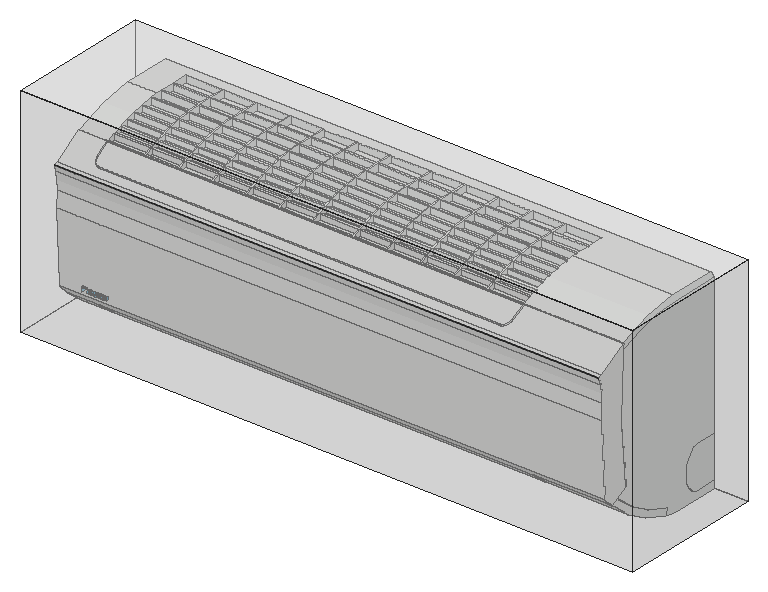
Revit family "outputfile", category 機械設備, Revit 2024
Family settings
  丸型コネクタ寸法 = 半径を使用
  パーツ タイプ = 標準
  OmniClass 番号 = 23.75.10.24.21.27.27
  OmniClass タイトル = Split System Air Conditioning Units
  作業面ベース = いいえ
  常に垂直 = はい
  ロード時にボイドで切り取り = いいえ
  注釈の向きを維持 = いいえ
  共有 = いいえ
  部屋計算ポイント = いいえ
Parameters (values of type "FTV28PBV1MW9")
  Description = ""
  製造元 = "Daikin"
  書き出し IFC クラス(タイプ) = "IfcUnitaryEquipmentType"
  定義済み IFC タイプ(タイプ) = "AIRCONDITIONINGUNIT"
  Cost = 0
  モデル = "FTV28PBV1MW9"
  Type Comments = ""
  Keynote = ""
  Type Image = (empty or 0)
  Assembly Code = ""
  switch_frequency = yes
  r_Liquid Pipe Size = Liquid Pipe Size / 2  # 3.2 mm
  r_Gas Pipe Size = Gas Pipe Size / 2  # 4.75 mm
  r_Drain Pipe Size = Drain Pipe Size / 2  # 9.55 mm
  lw_powersupply [instance] = if(or(Rear Right Connection_refrigerant, Bottom Right Connection_refrigerant), 65.0 mm + 5.3 mm, if(or(Rear Left Connection_refrigerant, Bottom Left Connection_refrigerant), 742.0 mm + 30.0 mm, 400.0 mm))  # 400.0 mm
  lw_liquidpipe [instance] = if(or(Rear Right Connection_refrigerant, Bottom Right Connection_refrigerant), 9.0 mm, if(or(Rear Left Connection_refrigerant, Bottom Left Connection_refrigerant), 668.0 mm + 40.0 mm, 800.0 mm - 592.0 mm - 48.0 mm))  # 160.0 mm
  lw_gaspipe [instance] = if(or(Rear Right Connection_refrigerant, Bottom Right Connection_refrigerant), 0.0 mm, if(or(Rear Left Connection_refrigerant, Bottom Left Connection_refrigerant), 661.0 mm + 30.0 mm, 800.0 mm - 592.0 mm - 49.0 mm - 48.0 mm))  # 111.0 mm
  lw_drainpipe [instance] = if(or(Rear Right Connection_refrigerant, Bottom Right Connection_refrigerant), 0.0 mm, if(or(Rear Left Connection_refrigerant, Bottom Left Connection_refrigerant), 675.0 mm + 30.0 mm, 0.0 mm))  # 0.0 mm
  l_powersupply_length [instance] = if(Right Connection_refrigerant, 400.0 mm, if(Left Connection_refrigerant, 800.0 mm - 400.0 mm, if(or(Rear Left Connection_refrigerant, Rear Right Connection_refrigerant), 15.0 mm, 40.0 mm)))  # 400.0 mm
  l_liquidpipe_length [instance] = if(Right Connection_refrigerant, 800.0 mm - 592.0 mm, if(Left Connection_refrigerant, 800.0 mm - (800.0 mm - 592.0 mm), if(or(Rear Left Connection_refrigerant, Rear Right Connection_refrigerant), 30.0 mm, 40.0 mm)))  # 208.0 mm
  l_gaspipe_length [instance] = if(Right Connection_refrigerant, 800.0 mm - 592.0 mm - 49.0 mm, if(Left Connection_refrigerant, 800.0 mm - (800.0 mm - 592.0 mm - 49.0 mm), if(or(Rear Left Connection_refrigerant, Rear Right Connection_refrigerant), 40.0 mm, 40.0 mm)))  # 159.0 mm
  l_drainpipe_length [instance] = if(Right Connection_refrigerant, 48.0 mm, if(Left Connection_refrigerant, 800.0 mm - 48.0 mm, if(or(Rear Left Connection_refrigerant, Rear Right Connection_refrigerant), 15.0 mm, 20.0 mm)))  # 48.0 mm
  h*** = 0.0 mm  # constant formula
  connector_voltage = Voltage_50Hz  # 230 V
  connector_powerinput = [Power Input (Cooling)]  # 0.865 kW
  connector_phase = Phase_50Hz  # 1
  angle_vertical [instance] = if(or(Bottom Left Connection_refrigerant, Bottom Right Connection_refrigerant), 0.00°, 90.00°)  # 90.00°
  angle_horizontal [instance] = if(Right Connection_refrigerant, 90.00°, if(Left Connection_refrigerant, -90.00°, if(or(Rear Left Connection_refrigerant, Rear Right Connection_refrigerant), 180.00°, 0.00°)))  # 90.00°
  Width = 800.0 mm
  Voltage_comment_50Hz = "220 - 240"
  Voltage_50Hz = 230 V
  Version = "ver.1.0"
  Unit Type = "Wall Mounted"
  Unit Mass Weight = 9.00 kg
  Unit Designation [instance] = ""
  Uniclass2015Version = "Products v1.30"
  Uniclass2015Title = "Split coil room air conditioning units"
  Uniclass2015Code = "Pr_70_65_03_86"
  URL = ""
  Total Cooling Capacity [instance] = 0.000 kW
  Sound Pressure Level_M speed (dBA) = 33
  Sound Pressure Level_L speed (dBA) = 27
  Sound Pressure Level_H speed (dBA) = 37
  Sound Power Level_H speed (dB) = 0
  Series = "Single Split_Fan Coil Unit"
  Sensible Cooling Capacity [instance] = 0.000 kW
  Refrigerant Type = "R32"
  Power Input (Cooling) = 0.865 kW
  Phase_50Hz = 1
  Option Accessory 3 [instance] = ""
  Option Accessory 2 [instance] = ""
  Option Accessory 1 [instance] = ""
  Nominal Cooling Capacity = 2.780 kW
  Minimum Circuit Amps_50Hz = 5.84 A
  Minimum Airflow = 382.00 m³/h
  Median Airflow = 479.00 m³/h
  Maximum Fuse Amps_50Hz = 16.0 A
  Maximum Airflow = 581.00 m³/h
  Material_Casing = DAIKIN_White_Casing_indoorunit
  Load Classification = HVAC
  Liquid Pipe Size = 6.4 mm
  Link_Nested Family [instance] = ""
  IfcVersion = ""
  IfcExportType = "AIRCONDITIONINGUNIT"
  IfcExportAs = "IfcUnitaryEquipmentType"
  Height = 288.0 mm
  Heat Exchanger Type = "Cross Fin Coil"
  Gas Pipe Size = 9.5 mm
  Frequency_50Hz = 50 Hz
  Fan Type = "Cross Flow Fan"
  Fan Drive = "-"
  FCU Tag No. [instance] = ""
  Drain Pipe Size = 19.1 mm
  Design Supply Airflow [instance] = 0.00 m³/h
  Depth = 212.0 mm
  既定の高さ = 0.0 mm
  Cooling Entering Wet Bulb Temperature [instance] = 0.00 °C
  Cooling Entering Dry Bulb Temperature [instance] = 0.00 °C
  Cooling Ambient Wet Bulb Temperature [instance] = 0.00 °C
  Cooling Ambient Dry Bulb Temperature [instance] = 0.00 °C
  Clearance visibility [instance] = yes
  Clearance Top = 30.0 mm
  Clearance Right = 50.0 mm
  Clearance Rear = 0.0 mm
  Clearance Left = 50.0 mm
  Clearance Front = 0.0 mm
  Clearance Bottom = 0.0 mm
  Bottom Right Connection_refrigerant [instance] = no
  Bottom Left Connection_refrigerant [instance] = no
  Rear Right Connection_refrigerant [instance] = no
  Rear Left Connection_refrigerant [instance] = no
  Right Connection_refrigerant [instance] = yes
  Left Connection_refrigerant [instance] = no
Reference planes
  plane 1 "Back": y = 0
  plane 2: z = 0
  plane 3 "Center (Left/Right)": x = 0
  plane 4 "Center (Front/Back)": y = -106
  plane 5 "Front": y = -212
  plane 6 "Left": x = -400
  plane 7 "Right": x = 400
  plane 8 "Top": z = 0
  plane 9 "Bottom": z = -288
  plane 10: x = -450
  plane 11: x = 450
  plane 12: y = 0
  plane 13: y = -212
  plane 14: z = 30
  plane 15: z = -288
  plane 16 "lw_Piping and Wiring intake": x = 352
  plane 17 "lw_gaspipe": x = 241
  plane 18 "lw_liquidpipe": x = 192
  plane 19 "lw_drainpipe": x = 352
  plane 20 "lh_drainpipe": z = -268
  plane 21 "lh_liquidpipe": z = -248
  plane 22 "lh_gaspipe": z = -248
  plane 23 "ld_drainpipe": y = -15
  plane 24 "ld_liquidpipe": y = -30
  plane 25 "ld_gaspipe": y = -40
  plane 26 "lw_powersupply": x = 0
Dimensions and locks
  equal spacing: plane 6 "Left", plane 3 "Center (Left/Right)", plane 7 "Right"
  "Width": plane 6 "Left" to plane 7 "Right"
  equal spacing: plane 5 "Front", plane 4 "Center (Front/Back)", plane 1 "Back"
  "Depth": plane 5 "Front" to plane 1 "Back"
  "Height": plane 8 "Top" to plane 9 "Bottom"
  "Clearance Rear": plane 12 to plane 1 "Back"
  "Clearance Front": plane 13 to plane 5 "Front"
  "Clearance Top": plane 14 to plane 8 "Top"
  "Clearance Bottom": plane 9 "Bottom" to plane 15
  locked: plane 16 "lw_Piping and Wiring intake" to plane 7 "Right" at 48
  "lw_gaspipe": plane 17 "lw_gaspipe" to plane 16 "lw_Piping and Wiring intake"
  "lw_liquidpipe": plane 18 "lw_liquidpipe" to plane 16 "lw_Piping and Wiring intake"
  "lw_drainpipe": plane 19 "lw_drainpipe" to plane 16 "lw_Piping and Wiring intake"
  locked: plane 20 "lh_drainpipe" to plane 9 "Bottom" at 20
  locked: plane 21 "lh_liquidpipe" to plane 9 "Bottom" at 40
  locked: plane 22 "lh_gaspipe" to plane 9 "Bottom" at 40
  locked: plane 23 "ld_drainpipe" to plane 1 "Back" at 15
  locked: plane 1 "Back" to plane 24 "ld_liquidpipe" at 30
  locked: plane 1 "Back" to plane 25 "ld_gaspipe" at 40
  "lw_powersupply": plane 26 "lw_powersupply" to plane 7 "Right"
  "Clearance Left": plane 10 to plane 6 "Left"
  "Clearance Right": plane 7 "Right" to plane 11
  plane 6 "Left" to plane 18 "lw_liquidpipe" = 592.0 mm
  plane 18 "lw_liquidpipe" to plane 17 "lw_gaspipe" = 49.0 mm
  aligned and locked: level to plane 2
  aligned and locked: plane 12 to nested 1
  aligned and locked: nested 1 to plane 13
  aligned and locked: plane 10 to nested 1
  aligned and locked: plane 11 to nested 1
  aligned and locked: plane 17 "lw_gaspipe" to nested 2
  aligned and locked: nested 2 to plane 25 "ld_gaspipe"
  aligned and locked: plane 18 "lw_liquidpipe" to nested 3
  aligned and locked: nested 3 to plane 24 "ld_liquidpipe"
  aligned and locked: plane 19 "lw_drainpipe" to nested 4
  aligned and locked: nested 4 to plane 23 "ld_drainpipe"
  aligned and locked: nested 5 to plane 23 "ld_drainpipe"
  aligned and locked: plane 26 "lw_powersupply" to nested 5
  aligned and locked: level to plane 8 "Top"
  aligned and locked: plane 14 to nested 1
  aligned and locked: plane 15 to nested 1
  aligned and locked: plane 3 "Center (Left/Right)" to nested 6
  aligned and locked: plane 1 "Back" to nested 6
  aligned and locked: plane 8 "Top" to nested 6
Nested families
  nested 1: "daikin_clearancespace" at (0, -106, -128.881), show <- "Clearance visibility", visible <- "Clearance visibility", Link_Nested Family <- "Link_Nested Family", type "daikin_clearancespace"
    with width 900.0 mm, show yes, height 318.0 mm, depth 212.0 mm, Link_Nested Family ""
  nested 2: "daikin_connector_rotate3" at (241, -40, -248), angle_vertical <- "angle_vertical", angle_horizontal <- "angle_horizontal", length <- "l_gaspipe_length", radius <- "r_Gas Pipe Size", type "daikin_connector_rotate3"
    with show no, radius 4.75 mm, length 159.0 mm, angle_vertical 90.00°, angle_horizontal 90.00°
  nested 3: "daikin_connector_rotate3" at (192, -30, -248), angle_vertical <- "angle_vertical", angle_horizontal <- "angle_horizontal", radius <- "r_Liquid Pipe Size", length <- "l_liquidpipe_length", type "daikin_connector_rotate3"
    with show no, radius 3.2 mm, length 208.0 mm, angle_vertical 90.00°, angle_horizontal 90.00°
  nested 4: "daikin_connector_rotate3" at (352, -15, -268), angle_vertical <- "angle_vertical", angle_horizontal <- "angle_horizontal", length <- "l_drainpipe_length", radius <- "r_Drain Pipe Size", type "daikin_connector_rotate3"
    with show no, radius 9.55 mm, length 48.0 mm, angle_vertical 90.00°, angle_horizontal 90.00°
  nested 5: "daikin_connector_rotate3" at (0, -15, -248), angle_vertical <- "angle_vertical", angle_horizontal <- "angle_horizontal", length <- "l_powersupply_length", type "daikin_connector_rotate3"
    with show no, radius 10.0 mm, length 400.0 mm, angle_vertical 90.00°, angle_horizontal 90.00°
  nested 6: "DAIKIN_indoorunit_FTV-PBV1MW9" at (-31, 0, 0), type "FTV-PBV1MW9"
Connectors
  piping at (400, -40, -248), diameter 9.5, driven by "r_Gas Pipe Size"
    settings: on nested 2, index 1, connector inside diameter 609.6 mm, connector length 0.0 mm, flow factor 0, pipe flow 0.00 m³/h, pressure drop 0.0 Pa, fitting loss kfactor 0, connector angle 0.00°, fixture units 0, engagement length 0.0 mm, angle of deflection 0.00°, flow configuration 1, flow direction 2, fitting loss method 0, system type 29, joint type 0, gender type 0, connector reference index -1, connector utility 0, adjustable connector no, is connector primary yes, connector description "Refrigerant Gas Piping"
  piping at (400, -30, -248), diameter 6.4, driven by "r_Liquid Pipe Size"
    settings: on nested 3, index 2, connector inside diameter 609.6 mm, connector length 0.0 mm, flow factor 0, pipe flow 0.00 m³/h, pressure drop 0.0 Pa, fitting loss kfactor 0, connector angle 0.00°, fixture units 0, engagement length 0.0 mm, angle of deflection 0.00°, flow configuration 1, flow direction 1, fitting loss method 0, system type 29, joint type 0, gender type 0, connector reference index -1, connector utility 0, adjustable connector no, is connector primary no, connector description "Refrigerant Liquid Piping"
  piping at (400, -15, -268), diameter 19.1, driven by "r_Drain Pipe Size"
    settings: on nested 4, index 3, connector inside diameter 609.6 mm, connector length 0.0 mm, flow factor 0, pipe flow 0.00 m³/h, pressure drop 0.0 Pa, fitting loss kfactor 0, connector angle 0.00°, fixture units 0, engagement length 0.0 mm, angle of deflection 0.00°, flow configuration 1, flow direction 2, fitting loss method 4, system type 16, joint type 0, gender type 0, connector reference index -1, connector utility 0, adjustable connector no, is connector primary no, connector description "Condensate Drain Piping"
  electrical at (400, -15, -248), driven by "Load Classification", driven by "connector_voltage", driven by "connector_powerinput", driven by "connector_phase"
    settings: on nested 5, index 4, voltage 230 V, apparent load 865 VA, apparent load phase1 0 VA, apparent load phase2 0 VA, apparent load phase3 0 VA, power factor 1, load classification "HVAC", number of poles 1, system type 30, power factor state 1, is connector primary yes, connector utility no, sub classification motor no, connector description "Power Supply"
Definition of nested family "daikin_clearancespace"
  Parameters (values of type "daikin_clearancespace")
    Description = "daikin_clearancespace"
    width [instance] = 1823.963 mm
    show [instance] = yes
    material = none
    height [instance] = 1359.762 mm
    depth [instance] = 880.0 mm
    Default Elevation = 0.0 mm
    Link_Nested Family [instance] = ""
  Reference planes
    plane 1 "Center (Front/Back)": y = 0
    plane 2 "Center (Elevation)": z = -0.119
    plane 3 "Center (Left/Right)": x = 0
    plane 4: y = 440
    plane 5: y = -440
    plane 6 "Right": x = 911.982
    plane 7 "Left": x = -911.982
    plane 8 "Top": z = 679.762
    plane 9 "Bottom": z = -680
  Forms (mm)
    Extrusion 1, solid, material <- "material", visible <- "show"
      sketch origin (0, 0, 0) x (1, 0, 0) y (0, 1, 0)
        loop
          line (-911.982, 440) -> (-911.982, -440) -> (911.982, -440) -> (911.982, 440) -> (-911.982, 440)
      from -680 to 679.762
  Lines and regions (mm)
    symbolic lines, visible <- "show"
      curve 1: line (911.982, 440, 0) -> (-911.982, 440, 0)
      curve 2: line (-911.982, 440, 0) -> (-911.982, -440, 0)
      curve 3: line (-911.982, -440, 0) -> (911.982, -440, 0)
      curve 4: line (911.982, -440, 0) -> (911.982, 440, 0)
      curve 5: line (911.982, 0, 679.762) -> (-911.982, 0, 679.762)
      curve 6: line (911.982, 0, -680) -> (911.982, 0, 679.762)
      curve 7: line (-911.982, 0, -680) -> (911.982, 0, -680)
      curve 8: line (-911.982, 0, 679.762) -> (-911.982, 0, -680)
      curve 9: line (0, 440, 679.762) -> (0, -440, 679.762)
      curve 10: line (0, -440, 679.762) -> (0, -440, -680)
      curve 11: line (0, 440, -680) -> (0, 440, 679.762)
      curve 12: line (0, -440, -680) -> (0, 440, -680)
  Dimensions and locks
    "width": plane 7 "Left" to plane 6 "Right"
    "depth": plane 4 to plane 5
    "height": plane 8 "Top" to plane 9 "Bottom"
    equal spacing: plane 7 "Left", plane 3 "Center (Left/Right)", plane 6 "Right"
    equal spacing: plane 4, plane 1 "Center (Front/Back)", plane 5
    equal spacing: plane 8 "Top", plane 2 "Center (Elevation)", plane 9 "Bottom"
    aligned and locked: level to plane 2 "Center (Elevation)"
    aligned and locked: Extrusion 1 sketch curve to plane 4
    aligned and locked: plane 7 "Left" to Extrusion 1 sketch curve
    aligned and locked: Extrusion 1 sketch curve to plane 5
    aligned and locked: Extrusion 1 sketch curve to plane 6 "Right"
    aligned and locked: plane 8 "Top" to Extrusion 1
    aligned and locked: curve 1 to Extrusion 1
    aligned and locked: curve 2 to Extrusion 1
    aligned and locked: curve 3 to Extrusion 1
    aligned and locked: curve 4 to Extrusion 1
    aligned and locked: curve 5 to Extrusion 1
    aligned and locked: curve 6 to Extrusion 1
    aligned and locked: curve 7 to Extrusion 1
    aligned and locked: curve 8 to Extrusion 1
    aligned and locked: curve 9 to Extrusion 1
    aligned and locked: curve 10 to Extrusion 1
    aligned and locked: curve 11 to Extrusion 1
    aligned and locked: curve 12 to Extrusion 1
    aligned and locked: Extrusion 1 to plane 9 "Bottom"
Definition of nested family "DAIKIN_indoorunit_FTV-PBV1MW9"
  Parameters (values of type "FTV-PBV1MF9")
    Width = 800.0 mm
    Material_Casing = none
    Height = 288.0 mm
    Default Elevation = 0.0 mm
  Reference planes
    plane 1 "Center (Front/Back)": y = 0
    plane 2 "reference_level": z = 0
    plane 3 "Center (Left/Right)": x = 31
    plane 4: y = -212
    plane 5: x = -369
    plane 6: x = 431
    plane 7: x = -369
    plane 8: x = 431
    plane 9: z = -288
  Forms (mm)
    Extrusion 1, solid, material <- "Material_Casing"
      sketch origin (31, 0, 0) x (0, 1, 0) y (0, 0, 1)
        loop
          arc (-167.658, -37.907) -> (-181.072, -45.445) -> (-193.973, -53.831) r 238.983
          arc (-193.973, -53.831) -> (-198.179, -56.235) -> (-202.744, -57.855) r 27.19
          line (-202.744, -57.855) -> (-209.233, -59.409)
          arc (-209.233, -59.409) -> (-206.876, -72.128) -> (-206.426, -85.056) r 87.213
          line (-206.426, -85.056) -> (-207.343, -108.316)
          arc (-207.343, -108.316) -> (-206.958, -161.328) -> (-201.625, -214.072) r 567.254
          arc (-201.625, -214.072) -> (-194.69, -221.539) -> (-187.446, -228.706) r 240.501
          line (-187.446, -228.706) -> (-164.341, -215.366)
          arc (-164.341, -215.366) -> (-170.74, -126.725) -> (-167.658, -37.907) r 832.797
      from -400 to 400
    Extrusion 2, void
      sketch origin (33, 0, 0) x (1, 0, 0) y (0, 1, 0)
        loop
          line (-306.3, -45.991) -> (-306.3, -22.991) -> (-359.5, -22.991) -> (-359.5, -45.991) -> (-306.3, -45.991)
        loop
          line (-306.3, -67.491) -> (-306.3, -47.991) -> (-359.5, -47.991) -> (-359.5, -67.491) -> (-306.3, -67.491)
        loop
          line (-306.3, -69.491) -> (-359.5, -69.491) -> (-359.5, -86.209) -> (-306.3, -86.209) -> (-306.3, -69.491)
        loop
          line (-306.3, -87.991) -> (-359.5, -87.991) -> (-359.5, -102.991) -> (-306.3, -102.991) -> (-306.3, -87.991)
        loop
          line (-306.3, -104.991) -> (-359.5, -104.991) -> (-359.5, -117.491) -> (-306.3, -117.491) -> (-306.3, -104.991)
        loop
          line (-306.3, -119.491) -> (-359.5, -119.491) -> (-359.5, -129.991) -> (-306.3, -129.991) -> (-306.3, -119.491)
        loop
          line (-306.3, -131.991) -> (-359.5, -131.991) -> (-359.5, -141.491) -> (-306.3, -141.491) -> (-306.3, -131.991)
        loop
          line (-306.3, -143.491) -> (-359.5, -143.491) -> (-359.5, -152.991) -> (-306.3, -152.991) -> (-306.3, -143.491)
        loop
          line (-306.3, -154.991) -> (-359.5, -154.991) -> (-359.5, -165) -> (-306.3, -165) -> (-306.3, -154.991)
        loop
          line (-304.3, -22.991) -> (-304.3, -45.991) -> (-257.1, -45.991) -> (-257.1, -22.991) -> (-304.3, -22.991)
        loop
          line (-257.1, -47.991) -> (-304.3, -47.991) -> (-304.3, -67.491) -> (-257.1, -67.491) -> (-257.1, -47.991)
        loop
          line (-304.3, -69.491) -> (-304.3, -85.991) -> (-257.1, -85.991) -> (-257.1, -69.491) -> (-304.3, -69.491)
        loop
          line (-257.1, -87.991) -> (-304.3, -87.991) -> (-304.3, -102.991) -> (-257.1, -102.991) -> (-257.1, -87.991)
        loop
          line (-304.3, -104.991) -> (-304.3, -117.491) -> (-257.1, -117.491) -> (-257.1, -104.991) -> (-304.3, -104.991)
        loop
          line (-257.1, -119.491) -> (-304.3, -119.491) -> (-304.3, -129.991) -> (-257.1, -129.991) -> (-257.1, -119.491)
        loop
          line (-304.3, -131.991) -> (-304.3, -141.491) -> (-257.1, -141.491) -> (-257.1, -131.991) -> (-304.3, -131.991)
        loop
          line (-257.1, -143.491) -> (-304.3, -143.491) -> (-304.3, -152.991) -> (-257.1, -152.991) -> (-257.1, -143.491)
        loop
          line (-304.3, -154.991) -> (-304.3, -165) -> (-257.1, -165) -> (-257.1, -154.991) -> (-304.3, -154.991)
        loop
          line (-255.1, -22.991) -> (-255.1, -45.991) -> (-207.9, -45.991) -> (-207.9, -22.991) -> (-255.1, -22.991)
        loop
          line (-207.9, -47.991) -> (-255.1, -47.991) -> (-255.1, -67.491) -> (-207.9, -67.491) -> (-207.9, -47.991)
        loop
          line (-255.1, -69.491) -> (-255.1, -85.991) -> (-207.9, -85.991) -> (-207.9, -69.491) -> (-255.1, -69.491)
        loop
          line (-207.9, -87.991) -> (-255.1, -87.991) -> (-255.1, -102.991) -> (-207.9, -102.991) -> (-207.9, -87.991)
        loop
          line (-255.1, -104.991) -> (-255.1, -117.491) -> (-207.9, -117.491) -> (-207.9, -104.991) -> (-255.1, -104.991)
        loop
          line (-207.9, -119.491) -> (-255.1, -119.491) -> (-255.1, -129.991) -> (-207.9, -129.991) -> (-207.9, -119.491)
        loop
          line (-255.1, -131.991) -> (-255.1, -141.491) -> (-207.9, -141.491) -> (-207.9, -131.991) -> (-255.1, -131.991)
        loop
          line (-207.9, -143.491) -> (-255.1, -143.491) -> (-255.1, -152.991) -> (-207.9, -152.991) -> (-207.9, -143.491)
        loop
          line (-255.1, -154.991) -> (-255.1, -165) -> (-207.9, -165) -> (-207.9, -154.991) -> (-255.1, -154.991)
        loop
          line (-205.9, -22.991) -> (-205.9, -45.991) -> (-158.7, -45.991) -> (-158.7, -22.991) -> (-205.9, -22.991)
        loop
          line (-158.7, -47.991) -> (-205.9, -47.991) -> (-205.9, -67.491) -> (-158.7, -67.491) -> (-158.7, -47.991)
        loop
          line (-205.9, -69.491) -> (-205.9, -85.991) -> (-158.7, -85.991) -> (-158.7, -69.491) -> (-205.9, -69.491)
        loop
          line (-158.7, -87.991) -> (-205.9, -87.991) -> (-205.9, -102.991) -> (-158.7, -102.991) -> (-158.7, -87.991)
        loop
          line (-205.9, -104.991) -> (-205.9, -117.491) -> (-158.7, -117.491) -> (-158.7, -104.991) -> (-205.9, -104.991)
        loop
          line (-158.7, -119.491) -> (-205.9, -119.491) -> (-205.9, -129.991) -> (-158.7, -129.991) -> (-158.7, -119.491)
        loop
          line (-205.9, -131.991) -> (-205.9, -141.491) -> (-158.7, -141.491) -> (-158.7, -131.991) -> (-205.9, -131.991)
        loop
          line (-158.7, -143.491) -> (-205.9, -143.491) -> (-205.9, -152.991) -> (-158.7, -152.991) -> (-158.7, -143.491)
        loop
          line (-205.9, -154.991) -> (-205.9, -165) -> (-158.7, -165) -> (-158.7, -154.991) -> (-205.9, -154.991)
        loop
          line (-156.7, -22.991) -> (-156.7, -45.991) -> (-109.5, -45.991) -> (-109.5, -22.991) -> (-156.7, -22.991)
        loop
          line (-109.5, -47.991) -> (-156.7, -47.991) -> (-156.7, -67.491) -> (-109.5, -67.491) -> (-109.5, -47.991)
        loop
          line (-156.7, -69.491) -> (-156.7, -85.991) -> (-109.5, -85.991) -> (-109.5, -69.491) -> (-156.7, -69.491)
        loop
          line (-109.5, -87.991) -> (-156.7, -87.991) -> (-156.7, -102.991) -> (-109.5, -102.991) -> (-109.5, -87.991)
        loop
          line (-156.7, -104.991) -> (-156.7, -117.491) -> (-109.5, -117.491) -> (-109.5, -104.991) -> (-156.7, -104.991)
        loop
          line (-109.5, -119.491) -> (-156.7, -119.491) -> (-156.7, -129.991) -> (-109.5, -129.991) -> (-109.5, -119.491)
        loop
          line (-156.7, -131.991) -> (-156.7, -141.491) -> (-109.5, -141.491) -> (-109.5, -131.991) -> (-156.7, -131.991)
        loop
          line (-109.5, -143.491) -> (-156.7, -143.491) -> (-156.7, -152.991) -> (-109.5, -152.991) -> (-109.5, -143.491)
        loop
          line (-156.7, -154.991) -> (-156.7, -165) -> (-109.5, -165) -> (-109.5, -154.991) -> (-156.7, -154.991)
        loop
          line (-107.5, -22.991) -> (-107.5, -45.991) -> (-60.3, -45.991) -> (-60.3, -22.991) -> (-107.5, -22.991)
        loop
          line (-60.3, -47.991) -> (-107.5, -47.991) -> (-107.5, -67.491) -> (-60.3, -67.491) -> (-60.3, -47.991)
        loop
          line (-107.5, -69.491) -> (-107.5, -85.991) -> (-60.3, -85.991) -> (-60.3, -69.491) -> (-107.5, -69.491)
        loop
          line (-60.3, -87.991) -> (-107.5, -87.991) -> (-107.5, -102.991) -> (-60.3, -102.991) -> (-60.3, -87.991)
        loop
          line (-107.5, -104.991) -> (-107.5, -117.491) -> (-60.3, -117.491) -> (-60.3, -104.991) -> (-107.5, -104.991)
        loop
          line (-60.3, -119.491) -> (-107.5, -119.491) -> (-107.5, -129.991) -> (-60.3, -129.991) -> (-60.3, -119.491)
        loop
          line (-107.5, -131.991) -> (-107.5, -141.491) -> (-60.3, -141.491) -> (-60.3, -131.991) -> (-107.5, -131.991)
        loop
          line (-60.3, -143.491) -> (-107.5, -143.491) -> (-107.5, -152.991) -> (-60.3, -152.991) -> (-60.3, -143.491)
        loop
          line (-107.5, -154.991) -> (-107.5, -165) -> (-60.3, -165) -> (-60.3, -154.991) -> (-107.5, -154.991)
        loop
          line (1.5, -22.991) -> (1.5, -45.991) -> (48.7, -45.991) -> (48.7, -22.991) -> (1.5, -22.991)
        loop
          line (48.7, -47.991) -> (1.5, -47.991) -> (1.5, -67.491) -> (48.7, -67.491) -> (48.7, -47.991)
        loop
          line (1.5, -69.491) -> (1.5, -85.991) -> (48.7, -85.991) -> (48.7, -69.491) -> (1.5, -69.491)
        loop
          line (48.7, -87.991) -> (1.5, -87.991) -> (1.5, -102.991) -> (48.7, -102.991) -> (48.7, -87.991)
        loop
          line (1.5, -104.991) -> (1.5, -117.491) -> (48.7, -117.491) -> (48.7, -104.991) -> (1.5, -104.991)
        loop
          line (48.7, -119.491) -> (1.5, -119.491) -> (1.5, -129.991) -> (48.7, -129.991) -> (48.7, -119.491)
        loop
          line (1.5, -131.991) -> (1.5, -141.491) -> (48.7, -141.491) -> (48.7, -131.991) -> (1.5, -131.991)
        loop
          line (48.7, -143.491) -> (1.5, -143.491) -> (1.5, -152.991) -> (48.7, -152.991) -> (48.7, -143.491)
        loop
          line (1.5, -154.991) -> (1.5, -165) -> (48.7, -165) -> (48.7, -154.991) -> (1.5, -154.991)
        loop
          line (50.7, -22.991) -> (50.7, -45.991) -> (97.9, -45.991) -> (97.9, -22.991) -> (50.7, -22.991)
        loop
          line (97.9, -47.991) -> (50.7, -47.991) -> (50.7, -67.491) -> (97.9, -67.491) -> (97.9, -47.991)
        loop
          line (50.7, -69.491) -> (50.7, -85.991) -> (97.9, -85.991) -> (97.9, -69.491) -> (50.7, -69.491)
        loop
          line (97.9, -87.991) -> (50.7, -87.991) -> (50.7, -102.991) -> (97.9, -102.991) -> (97.9, -87.991)
        loop
          line (50.7, -104.991) -> (50.7, -117.491) -> (97.9, -117.491) -> (97.9, -104.991) -> (50.7, -104.991)
        loop
          line (97.9, -119.491) -> (50.7, -119.491) -> (50.7, -129.991) -> (97.9, -129.991) -> (97.9, -119.491)
        loop
          line (50.7, -131.991) -> (50.7, -141.491) -> (97.9, -141.491) -> (97.9, -131.991) -> (50.7, -131.991)
        loop
          line (97.9, -143.491) -> (50.7, -143.491) -> (50.7, -152.991) -> (97.9, -152.991) -> (97.9, -143.491)
        loop
          line (50.7, -154.991) -> (50.7, -165) -> (97.9, -165) -> (97.9, -154.991) -> (50.7, -154.991)
        loop
          line (99.9, -22.991) -> (99.9, -45.991) -> (147.1, -45.991) -> (147.1, -22.991) -> (99.9, -22.991)
        loop
          line (147.1, -47.991) -> (99.9, -47.991) -> (99.9, -67.491) -> (147.1, -67.491) -> (147.1, -47.991)
        loop
          line (99.9, -69.491) -> (99.9, -85.991) -> (147.1, -85.991) -> (147.1, -69.491) -> (99.9, -69.491)
        loop
          line (147.1, -87.991) -> (99.9, -87.991) -> (99.9, -102.991) -> (147.1, -102.991) -> (147.1, -87.991)
        loop
          line (99.9, -104.991) -> (99.9, -117.491) -> (147.1, -117.491) -> (147.1, -104.991) -> (99.9, -104.991)
        loop
          line (147.1, -119.491) -> (99.9, -119.491) -> (99.9, -129.991) -> (147.1, -129.991) -> (147.1, -119.491)
        loop
          line (99.9, -131.991) -> (99.9, -141.491) -> (147.1, -141.491) -> (147.1, -131.991) -> (99.9, -131.991)
        loop
          line (147.1, -143.491) -> (99.9, -143.491) -> (99.9, -152.991) -> (147.1, -152.991) -> (147.1, -143.491)
        loop
          line (99.9, -154.991) -> (99.9, -165) -> (147.1, -165) -> (147.1, -154.991) -> (99.9, -154.991)
        loop
          line (149.1, -22.991) -> (149.1, -45.991) -> (196.3, -45.991) -> (196.3, -22.991) -> (149.1, -22.991)
        loop
          line (196.3, -47.991) -> (149.1, -47.991) -> (149.1, -67.491) -> (196.3, -67.491) -> (196.3, -47.991)
        loop
          line (149.1, -69.491) -> (149.1, -85.991) -> (196.3, -85.991) -> (196.3, -69.491) -> (149.1, -69.491)
        loop
          line (196.3, -87.991) -> (149.1, -87.991) -> (149.1, -102.991) -> (196.3, -102.991) -> (196.3, -87.991)
        loop
          line (149.1, -104.991) -> (149.1, -117.491) -> (196.3, -117.491) -> (196.3, -104.991) -> (149.1, -104.991)
        loop
          line (196.3, -119.491) -> (149.1, -119.491) -> (149.1, -129.991) -> (196.3, -129.991) -> (196.3, -119.491)
        loop
          line (149.1, -131.991) -> (149.1, -141.491) -> (196.3, -141.491) -> (196.3, -131.991) -> (149.1, -131.991)
        loop
          line (196.3, -143.491) -> (149.1, -143.491) -> (149.1, -152.991) -> (196.3, -152.991) -> (196.3, -143.491)
        loop
          line (149.1, -154.991) -> (149.1, -165) -> (196.3, -165) -> (196.3, -154.991) -> (149.1, -154.991)
        loop
          line (198.3, -22.991) -> (198.3, -45.991) -> (251.5, -45.991) -> (251.5, -22.991) -> (198.3, -22.991)
        loop
          line (251.5, -47.991) -> (198.3, -47.991) -> (198.3, -67.491) -> (251.5, -67.491) -> (251.5, -47.991)
        loop
          line (198.3, -69.491) -> (198.3, -85.991) -> (251.5, -85.991) -> (251.5, -69.491) -> (198.3, -69.491)
        loop
          line (251.5, -87.991) -> (198.3, -87.991) -> (198.3, -102.991) -> (251.5, -102.991) -> (251.5, -87.991)
        loop
          line (198.3, -104.991) -> (198.3, -117.491) -> (251.5, -117.491) -> (251.5, -104.991) -> (198.3, -104.991)
        loop
          line (251.5, -119.491) -> (198.3, -119.491) -> (198.3, -129.991) -> (251.5, -129.991) -> (251.5, -119.491)
        loop
          line (198.3, -131.991) -> (198.3, -141.491) -> (251.5, -141.491) -> (251.5, -131.991) -> (198.3, -131.991)
        loop
          line (251.5, -143.491) -> (198.3, -143.491) -> (198.3, -152.991) -> (251.5, -152.991) -> (251.5, -143.491)
        loop
          line (198.3, -154.991) -> (198.3, -165) -> (251.5, -165) -> (251.5, -154.991) -> (198.3, -154.991)
        loop
          line (-58.3, -22.991) -> (-58.3, -45.991) -> (-0.5, -45.991) -> (-0.5, -22.991) -> (-58.3, -22.991)
        loop
          line (-0.5, -47.991) -> (-58.3, -47.991) -> (-58.3, -67.491) -> (-0.5, -67.491) -> (-0.5, -47.991)
        loop
          line (-58.3, -69.491) -> (-58.3, -85.991) -> (-0.5, -85.991) -> (-0.5, -69.491) -> (-58.3, -69.491)
        loop
          line (-0.5, -87.991) -> (-58.3, -87.991) -> (-58.3, -102.991) -> (-0.5, -102.991) -> (-0.5, -87.991)
        loop
          line (-58.3, -104.991) -> (-58.3, -117.491) -> (-0.5, -117.491) -> (-0.5, -104.991) -> (-58.3, -104.991)
        loop
          line (-0.5, -119.491) -> (-58.3, -119.491) -> (-58.3, -129.991) -> (-0.5, -129.991) -> (-0.5, -119.491)
        loop
          line (-58.3, -131.991) -> (-58.3, -141.491) -> (-0.5, -141.491) -> (-0.5, -131.991) -> (-58.3, -131.991)
        loop
          line (-0.5, -143.491) -> (-58.3, -143.491) -> (-58.3, -152.991) -> (-0.5, -152.991) -> (-0.5, -143.491)
        loop
          line (-58.3, -154.991) -> (-58.3, -165) -> (-0.5, -165) -> (-0.5, -154.991) -> (-58.3, -154.991)
      from -40.013 to 47.268
    Extrusion 3, solid, material <- "Material_Casing"
      sketch origin (418, 1296.25, 1200) x (0, 1, 0) y (0, 0, 1)
        loop
          line (-1473.873, -1424.191) -> (-1482.936, -1429.424)
          arc (-1482.936, -1429.424) -> (-1437.753, -1462.876) -> (-1386.039, -1484.925) r 240.501
          line (-1386.039, -1484.925) -> (-1383.459, -1475.26)
          arc (-1383.459, -1475.26) -> (-1431.579, -1454.883) -> (-1473.873, -1424.191) r 230.501
      from 13 to -104
    Extrusion 4, solid, material <- "Material_Casing"
      sketch origin (431, 1296.25, 1200) x (0, -1, 0) y (0, 0, 1)
        loop
          line (1296.25, -1416) -> (1296.25, -1477) -> (1324.531, -1477)
          arc (1324.531, -1477) -> (1340.087, -1470.556) -> (1346.531, -1455) r 22
          line (1346.531, -1455) -> (1346.531, -1438)
          arc (1346.531, -1438) -> (1340.087, -1422.444) -> (1324.531, -1416) r 22
          line (1324.531, -1416) -> (1296.25, -1416)
      from 0 to 5
    Extrusion 5, solid, material <- "Material_Casing"
      sketch origin (31, 200, -288) x (-1, 0, 0) y (0, -1, 0)
        loop
          line (385, 200) -> (385, 228.281)
          arc (385, 228.281) -> (378.556, 243.837) -> (363, 250.281) r 22
          line (363, 250.281) -> (346, 250.281)
          arc (346, 250.281) -> (330.444, 243.837) -> (324, 228.281) r 22
          line (324, 228.281) -> (324, 200) -> (385, 200)
        loop
          line (-372, 200) -> (-311, 200) -> (-311, 228.281)
          arc (-311, 228.281) -> (-317.444, 243.837) -> (-333, 250.281) r 22
          line (-333, 250.281) -> (-350, 250.281)
          arc (-350, 250.281) -> (-365.556, 243.837) -> (-372, 228.281) r 22
          line (-372, 228.281) -> (-372, 200)
      from 0 to 5
    Extrusion 6, solid, material <- "Material_Casing"
      sketch origin (0, 0, 0) x (1, 0, 0) y (0, 1, 0)
        loop
          arc (-327.717, -167) -> (-327.08, -176.795) -> (-326.264, -186.577) r 532.302
          arc (-326.264, -186.577) -> (-322.859, -193.29) -> (-315.837, -196) r 10.5
          line (-315.837, -196) -> (272.837, -196)
          arc (272.837, -196) -> (279.86, -193.29) -> (283.264, -186.577) r 10.5
          arc (283.264, -186.577) -> (284.081, -176.795) -> (284.717, -167) r 532.302
          line (284.717, -167) -> (-327.717, -167)
      from 0 to -64.738
    Extrusion 7, void
      sketch origin (31, 0, 0) x (0, 1, 0) y (0, 0, 1)
        loop
          line (-161.353, 6.246) -> (-204.673, 6.246) -> (-204.673, -68.754) -> (-161.353, -68.754) -> (-161.353, 6.246)
        loop
          arc (-166.353, -24.387) -> (-182.505, -32.935) -> (-197.991, -42.638) r 250.383
          line (-197.991, -42.638) -> (-197.991, -56.693)
          arc (-197.991, -56.693) -> (-183.175, -46.733) -> (-167.658, -37.907) r 238.983
          arc (-167.658, -37.907) -> (-167.033, -31.144) -> (-166.353, -24.387) r 832.797
      from -385 to 385
    Extrusion 8, solid, material <- "Material_Casing"
      sketch origin (31, 0, -50) x (0, 1, 0) y (0, 0, 1)
        loop
          line (0, -238) -> (0, 40) -> (-75.78, 40)
          arc (-75.78, 40) -> (-122.232, 34.466) -> (-166.084, 18.173) r 197.718
          arc (-166.084, 18.173) -> (-169.674, -73.941) -> (-163.264, -165.901) r 849.712
          line (-163.264, -165.901) -> (-177.622, -174.191)
          arc (-177.622, -174.191) -> (-135.329, -204.883) -> (-87.209, -225.26) r 230.501
          line (-87.209, -225.26) -> (-89.788, -234.923)
          arc (-89.788, -234.923) -> (-78.072, -237.167) -> (-66.172, -238) r 100.04
          line (-66.172, -238) -> (0, -238)
      from -400 to 400
    Extrusion 9, solid, material <- "Material_Casing"
      sketch origin (-369, 1296.25, 1200) x (0, -1, 0) y (0, 0, -1)
        loop
          line (1296.25, 1416) -> (1324.531, 1416)
          arc (1324.531, 1416) -> (1340.087, 1422.444) -> (1346.531, 1438) r 22
          line (1346.531, 1438) -> (1346.531, 1455)
          arc (1346.531, 1455) -> (1340.087, 1470.556) -> (1324.531, 1477) r 22
          line (1324.531, 1477) -> (1296.25, 1477) -> (1296.25, 1416)
      from 0 to 5
    Extrusion 10, solid, material <- "Material_Casing"
      sketch origin (31, 0, -20) x (0, 1, 0) y (0, 0, 1)
        loop
          line (-75.78, 10) -> (0, 10) -> (-6.985, 20) -> (-76.159, 20)
          arc (-76.159, 20) -> (-121.824, 12.276) -> (-165.287, -3.721) r 250.522
          arc (-165.287, -3.721) -> (-165.695, -7.773) -> (-166.084, -11.827) r 849.712
          arc (-166.084, -11.827) -> (-122.232, 4.466) -> (-75.78, 10) r 197.718
      from -400 to 400
    Extrusion 11, solid, material <- "Material_Casing"
      sketch origin (283, 1296.25, 1200) x (0, 1, 0) y (0, 0, 1)
        loop
          line (-1473.873, -1424.191) -> (-1482.936, -1429.424)
          arc (-1482.936, -1429.424) -> (-1437.753, -1462.876) -> (-1386.039, -1484.925) r 240.501
          line (-1386.039, -1484.925) -> (-1383.459, -1475.26)
          arc (-1383.459, -1475.26) -> (-1431.579, -1454.883) -> (-1473.873, -1424.191) r 230.501
      from 27 to -606.784
    Extrusion 12, solid, material <- "Material_Casing"
      sketch origin (233, 1296.25, 1200) x (0, 1, 0) y (0, 0, 1)
        loop
          line (-1473.873, -1424.191) -> (-1482.936, -1429.424)
          arc (-1482.936, -1429.424) -> (-1437.753, -1462.876) -> (-1386.039, -1484.925) r 240.501
          line (-1386.039, -1484.925) -> (-1383.459, -1475.26)
          arc (-1383.459, -1475.26) -> (-1431.579, -1454.883) -> (-1473.873, -1424.191) r 230.501
      from -559.5 to -602
    Extrusion 13, void
      sketch origin (0, 0, 100) x (1, 0, 0) y (0, 1, 0)
        loop
          arc (-327.717, -167) -> (-327.08, -176.795) -> (-326.264, -186.577) r 532.302
          arc (-326.264, -186.577) -> (-322.859, -193.29) -> (-315.837, -196) r 10.5
          line (-315.837, -196) -> (272.837, -196)
          arc (272.837, -196) -> (279.86, -193.29) -> (283.264, -186.577) r 10.5
          arc (283.264, -186.577) -> (284.081, -176.795) -> (284.717, -167) r 532.302
          line (284.717, -167) -> (-327.717, -167)
      from 0 to -190
    Extrusion 14, solid, material <- "Material_Casing"
      sketch origin (31, 0, 0) x (0, 1, 0) y (0, 0, 1)
        loop
          arc (-166.353, -24.387) -> (-186.802, -35.471) -> (-206.134, -48.405) r 250.383
          line (-206.134, -48.405) -> (-212, -49.782) -> (-212, -50.758)
          arc (-212, -50.758) -> (-210.504, -55.047) -> (-209.233, -59.409) r 87.213
          line (-209.233, -59.409) -> (-202.744, -57.855)
          arc (-202.744, -57.855) -> (-198.179, -56.235) -> (-193.973, -53.831) r 27.19
          arc (-193.973, -53.831) -> (-181.072, -45.445) -> (-167.658, -37.907) r 238.983
          arc (-167.658, -37.907) -> (-167.033, -31.144) -> (-166.353, -24.387) r 832.797
      from -400 to 400
    Extrusion 15, solid, material <- "Material_Casing"
      sketch origin (31, 0, 0) x (1, 0, 0) y (0, 0, 1)
        loop
          circle (352, -248) r 32.5
        loop
          circle (-355, -248) r 32.5
      from 0 to 5
  Cuts and joins
    Extrusion 7 cuts Extrusion 6
    Extrusion 2 cuts Extrusion 10
    Extrusion 13 cuts Extrusion 14
    joined: Extrusion 1, Extrusion 14
  Lines and regions (mm)
    reference lines
      curve 1: line (0, -202.528, -202.041) -> (0, -201.985, -208.253)
  Dimensions and locks
    equal spacing: plane 5, plane 3 "Center (Left/Right)", plane 6
    "Width": plane 5 to plane 6
    "Width": plane 8 to plane 7
    locked: Extrusion 15 sketch curve to plane 7 at 45
    locked: plane 8 to Extrusion 15 sketch curve at 48
    locked: Extrusion 15 sketch curve to plane 9 at 40  (x2)
    equal spacing: plane 8, plane 3 "Center (Left/Right)", plane 7
    diameter of Extrusion 15 sketch curve = 65.0 mm  (x2)
    aligned and locked: level to plane 2 "reference_level"
  Automatic sketch dimensions
    Extrusion 1 sketch curve to plane 4 = 81.57 mm
    plane 4 to Extrusion 1 sketch curve = 4.657 mm
    plane 4 to Extrusion 1 sketch curve = 5.574 mm
    plane 4 to Extrusion 1 sketch curve = 24.554 mm
    Extrusion 1 sketch curve to Extrusion 1 sketch curve = 23.105 mm
    plane 1 "Center (Front/Back)" to Extrusion 1 sketch curve = 21.967 mm
    Extrusion 1 sketch curve to level = 130.699 mm
    Extrusion 1 sketch curve to level = 111.164 mm
    Extrusion 1 sketch curve to Extrusion 1 sketch curve = 302.443 mm
    Extrusion 1 sketch curve to level = 215.366 mm
    Extrusion 1 sketch curve to Extrusion 1 sketch curve = 13.34 mm
    Extrusion 1 sketch curve to Extrusion 1 sketch curve = 23.26 mm
    Extrusion 1 sketch curve to level = 81.617 mm
    Extrusion 1 sketch curve to level = 54.185 mm
    plane 5 to Extrusion 2 sketch curve = 42.5 mm  (x2)
    Extrusion 2 sketch curve to Extrusion 2 sketch curve = 0.0 mm  (x203)
    Extrusion 2 sketch curve to Extrusion 2 sketch curve = 53.2 mm  (x2)
    Extrusion 2 sketch curve to Extrusion 2 sketch curve = 2.0 mm  (x142)
    Extrusion 2 sketch curve to Extrusion 2 sketch curve = 47.2 mm  (x13)
    plane 3 "Center (Left/Right)" to Extrusion 2 sketch curve = 1.5 mm  (x9)
    plane 1 "Center (Front/Back)" to Extrusion 2 sketch curve = 22.991 mm  (x3)
    plane 1 "Center (Front/Back)" to Extrusion 2 sketch curve = 45.991 mm  (x3)
    Extrusion 2 sketch curve to Extrusion 2 sketch curve = 23.0 mm  (x3)
    Extrusion 2 sketch curve to Extrusion 2 sketch curve = 19.5 mm  (x6)
    Extrusion 2 sketch curve to Extrusion 2 sketch curve = 16.5 mm  (x5)
    Extrusion 2 sketch curve to Extrusion 2 sketch curve = 16.717 mm
    Extrusion 2 sketch curve to Extrusion 2 sketch curve = 1.783 mm
    Extrusion 2 sketch curve to Extrusion 2 sketch curve = 15.0 mm  (x7)
    Extrusion 2 sketch curve to Extrusion 2 sketch curve = 12.5 mm  (x6)
    Extrusion 2 sketch curve to Extrusion 2 sketch curve = 10.5 mm  (x6)
    Extrusion 2 sketch curve to Extrusion 2 sketch curve = 9.5 mm  (x14)
    Extrusion 2 sketch curve to Extrusion 2 sketch curve = 10.009 mm  (x6)
    Extrusion 3 sketch curve to Extrusion 3 sketch curve = 0.0 mm  (x2)
    plane 4 to Extrusion 3 sketch curve = 25.315 mm
    Extrusion 3 sketch curve to Extrusion 3 sketch curve = 9.063 mm
    plane 1 "Center (Front/Back)" to Extrusion 3 sketch curve = 89.789 mm
    Extrusion 3 sketch curve to Extrusion 3 sketch curve = 2.58 mm
    plane 1 "Center (Front/Back)" to Extrusion 3 sketch curve = 21.967 mm
    Extrusion 3 sketch curve to level = 284.925 mm
    Extrusion 3 sketch curve to Extrusion 3 sketch curve = 9.665 mm
    Extrusion 3 sketch curve to Extrusion 3 sketch curve = 45.837 mm
    Extrusion 4 sketch curve to plane 1 "Center (Front/Back)" = 0.0 mm
    plane 1 "Center (Front/Back)" to Extrusion 4 sketch curve = 28.281 mm  (x2)
    Extrusion 4 sketch curve to Extrusion 4 sketch curve = 0.0 mm  (x2)
    Extrusion 4 sketch curve to Extrusion 4 sketch curve = 22.0 mm
    Extrusion 4 sketch curve to level = 277.0 mm
    Extrusion 4 sketch curve to Extrusion 4 sketch curve = 17.0 mm
    plane 1 "Center (Front/Back)" to Extrusion 5 sketch curve = 0.0 mm  (x2)
    plane 6 to Extrusion 5 sketch curve = 28.0 mm
    plane 5 to Extrusion 6 sketch curve = 41.283 mm
    plane 4 to Extrusion 6 sketch curve = 16.0 mm
    Extrusion 6 sketch curve to Extrusion 6 sketch curve = 11.88 mm
    Extrusion 6 sketch curve to Extrusion 6 sketch curve = 0.018 mm  (x2)
    Extrusion 6 sketch curve to Extrusion 6 sketch curve = 69.058 mm  (x2)
    plane 4 to Extrusion 6 sketch curve = 74.601 mm
    plane 3 "Center (Left/Right)" to Extrusion 6 sketch curve = 172.762 mm
    plane 4 to Extrusion 6 sketch curve = 26.5 mm
    Extrusion 6 sketch curve to Extrusion 6 sketch curve = 11.898 mm
    Extrusion 6 sketch curve to Extrusion 6 sketch curve = 10.5 mm
    Extrusion 6 sketch curve to Extrusion 6 sketch curve = 18.5 mm
    Extrusion 6 sketch curve to Extrusion 6 sketch curve = 48.101 mm
    Extrusion 8 sketch curve to plane 1 "Center (Front/Back)" = 0.0 mm
    plane 1 "Center (Front/Back)" to Extrusion 8 sketch curve = 21.967 mm
    plane 1 "Center (Front/Back)" to Extrusion 8 sketch curve = 65.145 mm
    plane 1 "Center (Front/Back)" to Extrusion 8 sketch curve = 66.172 mm
    Extrusion 8 sketch curve to Extrusion 8 sketch curve = 10.635 mm
    Extrusion 8 sketch curve to Extrusion 8 sketch curve = 21.036 mm
    Extrusion 8 sketch curve to Extrusion 8 sketch curve = 2.579 mm
    plane 4 to Extrusion 8 sketch curve = 48.736 mm
    Extrusion 8 sketch curve to Extrusion 8 sketch curve = 14.358 mm
    Extrusion 8 sketch curve to level = 110.924 mm
    Extrusion 8 sketch curve to plane 1 "Center (Front/Back)" = 679.938 mm
    Extrusion 8 sketch curve to level = 187.965 mm
    Extrusion 8 sketch curve to Extrusion 8 sketch curve = 19.753 mm
    Extrusion 8 sketch curve to Extrusion 8 sketch curve = 8.183 mm
    Extrusion 8 sketch curve to Extrusion 8 sketch curve = 8.29 mm
    Extrusion 8 sketch curve to Extrusion 8 sketch curve = 67.542 mm
    Extrusion 8 sketch curve to Extrusion 8 sketch curve = 9.662 mm
    Extrusion 8 sketch curve to level = 10.0 mm
    Extrusion 9 sketch curve to plane 1 "Center (Front/Back)" = 0.0 mm
    plane 1 "Center (Front/Back)" to Extrusion 9 sketch curve = 28.281 mm  (x2)
    Extrusion 9 sketch curve to Extrusion 9 sketch curve = 0.0 mm  (x2)
    Extrusion 9 sketch curve to Extrusion 9 sketch curve = 22.0 mm
    Extrusion 9 sketch curve to level = 216.0 mm
    Extrusion 9 sketch curve to Extrusion 9 sketch curve = 17.0 mm
    Extrusion 10 sketch curve to level = 0.0 mm
    Extrusion 10 sketch curve to plane 1 "Center (Front/Back)" = 0.0 mm
    plane 1 "Center (Front/Back)" to Extrusion 10 sketch curve = 6.985 mm
    plane 1 "Center (Front/Back)" to Extrusion 10 sketch curve = 57.392 mm
    Extrusion 10 sketch curve to level = 10.0 mm
    Extrusion 10 sketch curve to Extrusion 10 sketch curve = 68.795 mm
    Extrusion 10 sketch curve to Extrusion 10 sketch curve = 0.379 mm
    Extrusion 10 sketch curve to level = 110.924 mm
    Extrusion 10 sketch curve to plane 1 "Center (Front/Back)" = 679.938 mm
    Extrusion 10 sketch curve to Extrusion 10 sketch curve = 197.718 mm
    Extrusion 10 sketch curve to Extrusion 10 sketch curve = 42.1 mm
    Extrusion 10 sketch curve to level = 23.721 mm
    Extrusion 11 sketch curve to Extrusion 11 sketch curve = 0.0 mm  (x2)
    plane 4 to Extrusion 11 sketch curve = 25.315 mm
    Extrusion 11 sketch curve to Extrusion 11 sketch curve = 9.063 mm
    plane 1 "Center (Front/Back)" to Extrusion 11 sketch curve = 89.789 mm
    Extrusion 11 sketch curve to Extrusion 11 sketch curve = 2.58 mm
    plane 1 "Center (Front/Back)" to Extrusion 11 sketch curve = 21.967 mm
    Extrusion 11 sketch curve to level = 284.925 mm
    Extrusion 11 sketch curve to Extrusion 11 sketch curve = 9.665 mm
    Extrusion 11 sketch curve to Extrusion 11 sketch curve = 45.837 mm
    Extrusion 12 sketch curve to Extrusion 12 sketch curve = 0.0 mm  (x2)
    plane 4 to Extrusion 12 sketch curve = 25.315 mm
    Extrusion 12 sketch curve to Extrusion 12 sketch curve = 9.063 mm
    plane 1 "Center (Front/Back)" to Extrusion 12 sketch curve = 89.789 mm
    Extrusion 12 sketch curve to Extrusion 12 sketch curve = 2.58 mm
    plane 1 "Center (Front/Back)" to Extrusion 12 sketch curve = 21.967 mm
    Extrusion 12 sketch curve to level = 284.925 mm
    Extrusion 12 sketch curve to Extrusion 12 sketch curve = 9.665 mm
    Extrusion 12 sketch curve to Extrusion 12 sketch curve = 45.837 mm
    plane 5 to Extrusion 13 sketch curve = 41.283 mm
    plane 4 to Extrusion 13 sketch curve = 16.0 mm
    Extrusion 13 sketch curve to Extrusion 13 sketch curve = 11.88 mm
    Extrusion 13 sketch curve to Extrusion 13 sketch curve = 0.018 mm  (x2)
    Extrusion 13 sketch curve to Extrusion 13 sketch curve = 69.058 mm  (x2)
    plane 4 to Extrusion 13 sketch curve = 74.601 mm
    plane 3 "Center (Left/Right)" to Extrusion 13 sketch curve = 172.762 mm
    plane 4 to Extrusion 13 sketch curve = 26.5 mm
    Extrusion 13 sketch curve to Extrusion 13 sketch curve = 11.898 mm
    Extrusion 13 sketch curve to Extrusion 13 sketch curve = 10.5 mm
    Extrusion 13 sketch curve to Extrusion 13 sketch curve = 18.5 mm
    Extrusion 13 sketch curve to Extrusion 13 sketch curve = 48.101 mm
    Extrusion 14 sketch curve to level = 81.617 mm
    Extrusion 14 sketch curve to plane 4 = 81.57 mm
    Extrusion 14 sketch curve to level = 49.782 mm
    Extrusion 14 sketch curve to Extrusion 14 sketch curve = 81.57 mm
    Extrusion 14 sketch curve to level = 48.405 mm
    Extrusion 14 sketch curve to Extrusion 14 sketch curve = 5.866 mm
    plane 4 to Extrusion 14 sketch curve = 154.608 mm
    Extrusion 14 sketch curve to level = 111.164 mm
    plane 4 to Extrusion 1 sketch curve = 2.482 mm
    plane 4 to Extrusion 1 sketch curve = 2.767 mm
    Extrusion 1 sketch curve to Extrusion 1 sketch curve = 6.489 mm
    Extrusion 1 sketch curve to Extrusion 1 sketch curve = 8.771 mm
    Extrusion 1 sketch curve to Extrusion 1 sketch curve = 0.0 mm
    Extrusion 1 sketch curve to Extrusion 1 sketch curve = 1.554 mm
    Extrusion 1 sketch curve to Extrusion 1 sketch curve = 27.2 mm
    Extrusion 1 sketch curve to Extrusion 1 sketch curve = 26.315 mm
    plane 1 "Center (Front/Back)" to Extrusion 1 sketch curve = 57.344 mm
    Extrusion 1 sketch curve to plane 1 "Center (Front/Back)" = 359.469 mm
    plane 4 to Extrusion 14 sketch curve = 2.767 mm
    Extrusion 14 sketch curve to Extrusion 14 sketch curve = 6.489 mm
    Extrusion 14 sketch curve to Extrusion 14 sketch curve = 1.554 mm
    plane 4 to Extrusion 14 sketch curve = 2.482 mm
    Extrusion 14 sketch curve to Extrusion 14 sketch curve = 16.881 mm
    Extrusion 14 sketch curve to Extrusion 14 sketch curve = 8.771 mm
    Extrusion 14 sketch curve to Extrusion 14 sketch curve = 0.047 mm
    Extrusion 14 sketch curve to Extrusion 14 sketch curve = 0.0 mm
    Extrusion 14 sketch curve to Extrusion 14 sketch curve = 0.088 mm
    Extrusion 14 sketch curve to Extrusion 14 sketch curve = 26.315 mm
    Extrusion 14 sketch curve to Extrusion 14 sketch curve = 0.975 mm
    Extrusion 14 sketch curve to plane 1 "Center (Front/Back)" = 661.911 mm
    plane 4 to Extrusion 7 sketch curve = 7.327 mm
    Extrusion 7 sketch curve to Extrusion 7 sketch curve = 6.682 mm
    level to Extrusion 7 sketch curve = 6.246 mm
    Extrusion 7 sketch curve to Extrusion 7 sketch curve = 43.32 mm
    plane 1 "Center (Front/Back)" to Extrusion 7 sketch curve = 57.392 mm
    Extrusion 7 sketch curve to Extrusion 7 sketch curve = 0.047 mm
    Extrusion 7 sketch curve to level = 111.164 mm
    Extrusion 7 sketch curve to Extrusion 7 sketch curve = 0.088 mm
    Extrusion 7 sketch curve to level = 68.754 mm
    Extrusion 7 sketch curve to Extrusion 7 sketch curve = 12.061 mm
    Extrusion 7 sketch curve to Extrusion 7 sketch curve = 14.055 mm
    Extrusion 7 sketch curve to Extrusion 7 sketch curve = 5.0 mm
    Extrusion 7 sketch curve to Extrusion 7 sketch curve = 44.367 mm
    Extrusion 7 sketch curve to plane 1 "Center (Front/Back)" = 661.911 mm
    plane 5 to Extrusion 5 sketch curve = 15.0 mm
    plane 1 "Center (Front/Back)" to Extrusion 5 sketch curve = 28.281 mm  (x2)
    Extrusion 5 sketch curve to Extrusion 5 sketch curve = 22.0 mm  (x2)
    Extrusion 5 sketch curve to Extrusion 5 sketch curve = 17.0 mm  (x2)
    Extrusion 5 sketch curve to Extrusion 5 sketch curve = 0.0 mm  (x2)
    plane 4 to curve 1 = 9.472 mm
    plane 4 to curve 1 = 10.015 mm
    curve 1 to level = 208.253 mm
    curve 1 to curve 1 = 6.213 mm
  Nested families
    nested 1: "daikin_logo_plane_w40" at (-316.283, -202.569, -201.245) x (1, 0, 0) z (0, -0.9962, -0.0872), type "daikin_logo_plane_w40"
      with show_logo yes
  Definition of nested family "daikin_logo_plane_w40"
    Parameters (values of type "daikin_logo_plane_w40")
      width = 40.0 mm
      show_logo [instance] = yes
      material = none
      height = 0.0 mm
      depth = 0.0 mm
      Default Elevation = 1219.2 mm
    Reference planes
      plane 1 "Center (Front/Back)": y = 0
      plane 2: z = 0
      plane 3 "Center (Left/Right)": x = 0
      plane 4: z = 2
      plane 5 "left": x = -19
      plane 6: x = 19
    Forms (mm)
      Extrusion 1, solid, visible <- "show_logo"
        sketch origin (-19, 0, 0) x (1, 0, 0) y (0, 1, 0)
          loop
            line (8.902, -1.878) -> (7.789, -6.332) -> (11.13, -6.332)
            arc (11.13, -6.332) -> (12.454, -6.064) -> (13.472, -5.176) r 2.642
            arc (13.472, -5.176) -> (13.92, -4.02) -> (13.767, -2.79) r 2.537
            arc (13.767, -2.79) -> (13.452, -2.342) -> (12.982, -2.06) r 1.321
            arc (12.982, -2.06) -> (12.063, -1.902) -> (11.13, -1.878) r 6.479
            line (11.13, -1.878) -> (8.902, -1.878)
          loop
            line (10.016, -5.441) -> (10.907, -5.441)
            arc (10.907, -5.441) -> (11.591, -4.983) -> (11.988, -4.261) r 1.742
            spline (11.988, -4.261) -> (12.01, -4.155) -> (12.027, -4.03) -> (12.037, -3.893) -> (12.037, -3.747) -> (12.026, -3.598) -> (12.002, -3.451) -> (11.962, -3.31) -> (11.905, -3.181) -> (11.829, -3.069) -> (11.731, -2.978) -> (11.61, -2.913) -> (11.464, -2.88)
            line (11.464, -2.88) -> (10.573, -2.88) -> (10.016, -5.441)
          loop
            line (13.58, -6.332) -> (14.805, -6.332) -> (15.223, -5.553) -> (16.977, -5.553) -> (17.144, -6.332) -> (19.149, -6.332) -> (18.258, -1.878) -> (16.03, -1.878) -> (13.58, -6.332)
          loop
            line (16.476, -3.214) -> (15.76, -4.551) -> (16.762, -4.551) -> (16.476, -3.214)
          loop
            line (19.705, -6.332) -> (21.599, -6.332) -> (22.712, -1.878) -> (20.819, -1.878) -> (19.705, -6.332)
          loop
            line (22.712, -6.332) -> (24.606, -6.332) -> (24.908, -5.122) -> (25.831, -6.332) -> (28.17, -6.332) -> (26.388, -3.994) -> (28.949, -1.878) -> (26.945, -1.878) -> (25.401, -3.153) -> (25.719, -1.878) -> (23.826, -1.878) -> (22.712, -6.332)
          loop
            line (29.84, -1.878) -> (28.615, -6.332) -> (30.62, -6.332) -> (31.734, -1.878) -> (29.84, -1.878)
          loop
            line (31.734, -6.332) -> (33.07, -6.332) -> (33.7, -3.814) -> (34.518, -6.332) -> (36.745, -6.332) -> (37.859, -1.878) -> (36.523, -1.878) -> (35.845, -4.589) -> (34.963, -1.878) -> (32.847, -1.878) -> (31.734, -6.332)
        from 0 to 2
      Extrusion 2, solid, visible <- "show_logo"
        sketch origin (-19, 0, 0) x (1, 0, 0) y (0, 1, 0)
          loop
            line (8.7, 0) -> (4.235, 0) -> (0, -3.879) -> (0, -8) -> (8.7, 0)
        from 0 to 2
      Extrusion 3, solid, visible <- "show_logo"
        sketch origin (-19, 0, 0) x (1, 0, 0) y (0, 1, 0)
          loop
            line (0, 0) -> (0, -3.879) -> (4.235, 0) -> (0, 0)
        from 0 to 2
    Dimensions and locks
      plane 4 to plane 2 = 2.0 mm
      equal spacing: plane 5 "left", plane 3 "Center (Left/Right)", plane 6
      locked: plane 5 "left" to plane 6 at 38
      aligned and locked: level to plane 2
      aligned and locked: Extrusion 3 to plane 1 "Center (Front/Back)"  (x2)
      aligned and locked: Extrusion 2 to plane 1 "Center (Front/Back)"  (x2)
      aligned and locked: plane 4 to Extrusion 1
      aligned and locked: plane 4 to Extrusion 3
      aligned and locked: plane 4 to Extrusion 2
      aligned and locked: Extrusion 3 to plane 5 "left"
      aligned and locked: Extrusion 2 to plane 5 "left"
    Automatic sketch dimensions
      Extrusion 1 sketch curve to Extrusion 1 sketch curve = 0.901 mm
      Extrusion 1 sketch curve to Extrusion 1 sketch curve = 1.559 mm
      Extrusion 1 sketch curve to Extrusion 1 sketch curve = 1.327 mm
      Extrusion 1 sketch curve to Extrusion 1 sketch curve = 2.145 mm
      Extrusion 1 sketch curve to Extrusion 1 sketch curve = 1.448 mm
      Extrusion 1 sketch curve to Extrusion 1 sketch curve = 2.116 mm
      Extrusion 1 sketch curve to Extrusion 1 sketch curve = 1.114 mm  (x4)
      Extrusion 1 sketch curve to Extrusion 1 sketch curve = 1.336 mm  (x2)
      plane 1 "Center (Front/Back)" to Extrusion 1 sketch curve = 1.878 mm  (x5)
      Extrusion 1 sketch curve to Extrusion 1 sketch curve = 1.893 mm  (x5)
      Extrusion 1 sketch curve to Extrusion 1 sketch curve = 0.891 mm  (x4)
      Extrusion 1 sketch curve to Extrusion 1 sketch curve = 2.005 mm  (x3)
      Extrusion 1 sketch curve to Extrusion 1 sketch curve = 0.445 mm  (x2)
      plane 1 "Center (Front/Back)" to Extrusion 1 sketch curve = 3.994 mm
      Extrusion 1 sketch curve to Extrusion 1 sketch curve = 0.557 mm  (x2)
      Extrusion 1 sketch curve to Extrusion 1 sketch curve = 2.339 mm  (x2)
      Extrusion 1 sketch curve to Extrusion 1 sketch curve = 1.225 mm  (x3)
      plane 1 "Center (Front/Back)" to Extrusion 1 sketch curve = 3.153 mm
      Extrusion 1 sketch curve to Extrusion 1 sketch curve = 0.987 mm
      plane 1 "Center (Front/Back)" to Extrusion 1 sketch curve = 5.122 mm
      Extrusion 1 sketch curve to Extrusion 1 sketch curve = 0.922 mm
      plane 1 "Center (Front/Back)" to Extrusion 1 sketch curve = 6.332 mm
      Extrusion 1 sketch curve to Extrusion 1 sketch curve = 2.562 mm
      plane 1 "Center (Front/Back)" to Extrusion 1 sketch curve = 5.553 mm
      Extrusion 1 sketch curve to Extrusion 1 sketch curve = 0.167 mm
      Extrusion 1 sketch curve to Extrusion 1 sketch curve = 0.215 mm
      plane 1 "Center (Front/Back)" to Extrusion 1 sketch curve = 3.214 mm
      Extrusion 1 sketch curve to Extrusion 1 sketch curve = 0.286 mm
      plane 1 "Center (Front/Back)" to Extrusion 1 sketch curve = 4.551 mm
      Extrusion 1 sketch curve to Extrusion 1 sketch curve = 1.002 mm
      Extrusion 1 sketch curve to Extrusion 1 sketch curve = 0.537 mm
      Extrusion 1 sketch curve to Extrusion 1 sketch curve = 0.418 mm
      Extrusion 1 sketch curve to Extrusion 1 sketch curve = 1.028 mm
      plane 1 "Center (Front/Back)" to Extrusion 1 sketch curve = 4.261 mm
      Extrusion 1 sketch curve to Extrusion 1 sketch curve = 0.563 mm
      plane 1 "Center (Front/Back)" to Extrusion 1 sketch curve = 2.88 mm
      Extrusion 1 sketch curve to Extrusion 1 sketch curve = 1.088 mm
      Extrusion 1 sketch curve to Extrusion 1 sketch curve = 2.152 mm
      Extrusion 1 sketch curve to Extrusion 1 sketch curve = 0.586 mm
      Extrusion 1 sketch curve to Extrusion 1 sketch curve = 0.118 mm
      Extrusion 1 sketch curve to Extrusion 1 sketch curve = 0.298 mm
      Extrusion 1 sketch curve to Extrusion 1 sketch curve = 0.334 mm
      Extrusion 1 sketch curve to Extrusion 1 sketch curve = 0.223 mm
      Extrusion 1 sketch curve to Extrusion 1 sketch curve = 0.266 mm
      Extrusion 1 sketch curve to Extrusion 1 sketch curve = 1.671 mm
      Extrusion 1 sketch curve to Extrusion 1 sketch curve = 2.227 mm
      Extrusion 1 sketch curve to Extrusion 1 sketch curve = 0.0 mm  (x7)
      Extrusion 1 sketch curve to Extrusion 1 sketch curve = 3.453 mm
